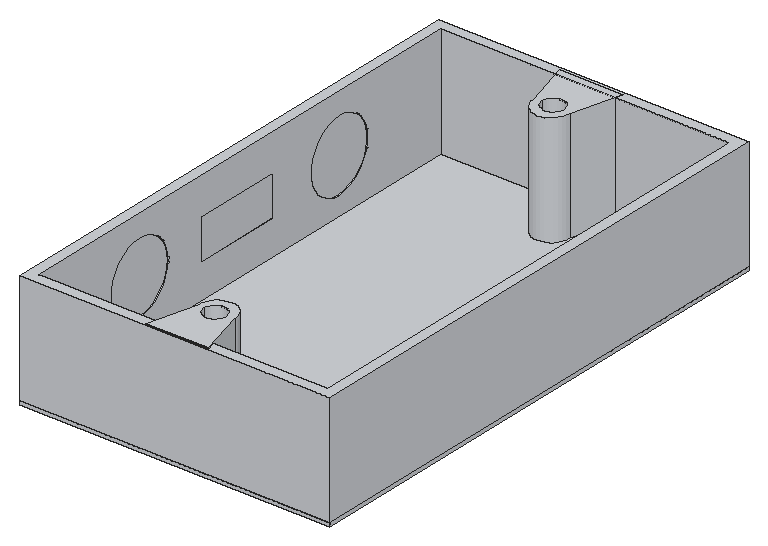
Revit family "PSB2", category Generic Models, Revit 2017
Family settings
  Can host rebar = No
  Round Connector Dimension = Use Diameter
  Part Type = Normal
  Work Plane-Based = Yes
  Always vertical = No
  Cut with Voids When Loaded = No
  Shared = No
  Room Calculation Point = No
Parameters (values of type "NBS Standard Parameters")
  Weight = "0.15Kg"
  WarrantyStartDate [instance] = "1900-12-31T23:59:59"
  WarrantyGuarantorParts = "n/a"
  WarrantyGuarantorLabor = "n/a"
  WarrantyDurationUnit = "1 year"
  WarrantyDurationParts = "n/a"
  WarrantyDurationLabor = "n/a"
  WarrantyDescription = "n/a"
  Version = "1"
  Uniclass2 = "Pr_65_52_01_86"
  TagNumber [instance] = "n/a"
  SustainabilityPerformance = "n/a"
  Size = "32mm"
  Shape = "Rectangular"
  SerialNumber [instance] = "n/a"
  Revision = "n/a"
  ReplacementCost = "n/a"
  ProductInformation = "www.metpro.co.uk/pdf/psb2.pdf"
  NominalWidth = 86 mm
  NominalLength = 145 mm
  NominalHeight = 32 mm
  Name = ""
  NBSTypeID = ""
  NBSReference = ""
  NBSOfficeMasterTag = ""
  NBSNote = ""
  NBSDescription = "Surface Boxes"
  NBSCertification = ""
  ModelReference = "PSB2"
  ModelNumber = "n/a"
  Material = "PVC"
  ManufacturerURL = "www.metpro.co.uk"
  ManufacturerName = "Metpro Ltd"
  Keynote = "Product has universal entry knock outs for both Mini trunking and 20mm conduit"
  InstallationDate [instance] = "1900-12-31T23:59:59"
  IfcExportType = ""
  IfcExportAs = ""
  Grade = "n/a"
  Finish = "White"
  Features = "n/a"
  ExpectedLife = "n/a"
  DurationUnit = "year"
  Description = "PSB2 - 32mm 2 Gang Surface Mounted Box"
  Default Elevation = 1219.2 mm
  Constituents = "n/a"
  Color = "n/a"
  CodePerformance = "n/a"
  Category = "n/a"
  BarCode [instance] = "n/a"
  BIMObjectName = "Metpro_metprolibrary_surfacesocketbox_PVC"
  Author = "Metpro Ltd"
  AssetType = ""
  AssetIdentifier [instance] = "n/a"
  AccessibilityPerformance = "n/a"
Reference planes
  plane 1 "Center (Front/Back)": y = 0
  plane 2: z = 0
  plane 3 "Center (Left/Right)": x = 0
Forms (mm)
  Extrusion 1, solid
    sketch origin (155.469, 2094.334, -490.438) x (-1, 0, 0) y (0, -1, 0)
      loop
        line (-8207.94, 1137.151) -> (-8207.94, 1282.151) -> (-8293.94, 1282.151) -> (-8293.94, 1137.151) -> (-8207.94, 1137.151)
      loop
        line (-8210.74, 1279.351) -> (-8291.14, 1279.351) -> (-8291.14, 1139.951) -> (-8210.74, 1139.951) -> (-8210.74, 1279.351)
    from 0 to 32
  Extrusion 2, solid
    sketch origin (155.469, 2094.334, -490.438) x (-1, 0, 0) y (0, -1, 0)
      loop
        line (-8293.94, 1137.151) -> (-8207.94, 1137.151) -> (-8207.94, 1282.151) -> (-8293.94, 1282.151) -> (-8293.94, 1137.151)
    from 0 to 1
  Extrusion 3, solid
    sketch origin (155.469, 2094.334, -458.438) x (-1, 0, 0) y (0, -1, 0)
      loop
        arc (-8245.94, 1151.655) -> (-8250.94, 1156.655) -> (-8255.94, 1151.655) r 5
        line (-8255.94, 1151.655) -> (-8259.658, 1137.776) -> (-8242.221, 1137.776) -> (-8245.94, 1151.655)
      loop
        circle (-8250.94, 1151.038) r 3.106
      loop
        line (-8245.94, 1267.648) -> (-8242.221, 1281.526) -> (-8259.658, 1281.526) -> (-8255.94, 1267.648)
        arc (-8255.94, 1267.648) -> (-8250.94, 1262.648) -> (-8245.94, 1267.648) r 5
      loop
        circle (-8250.94, 1268.265) r 3.106
    from 0 to -31
  Extrusion 4, void
    sketch origin (8446.609, 842.833, -490.438) x (0, 1, 0) y (0, 0, 1)
      loop
        circle (76.493, 16) r 10
      loop
        circle (7.207, 16) r 10
      loop
        line (53.599, 10.219) -> (53.599, 21.781) -> (28.599, 21.781) -> (28.599, 10.219) -> (53.599, 10.219)
    from 0 to 0.5
  Extrusion 5, void
    sketch origin (8366.209, 842.123, -490.438) x (0, -1, 0) y (0, 0, 1)
      loop
        circle (-77.203, 16) r 10
      loop
        line (-29.309, 21.781) -> (-54.309, 21.781) -> (-54.309, 10.219) -> (-29.309, 10.219) -> (-29.309, 21.781)
      loop
        circle (-7.916, 16) r 10
    from 0 to 0.5
Cuts and joins
  Extrusion 4, Extrusion 5 cuts Extrusion 1
Dimensions and locks
  aligned and locked: level to plane 2
